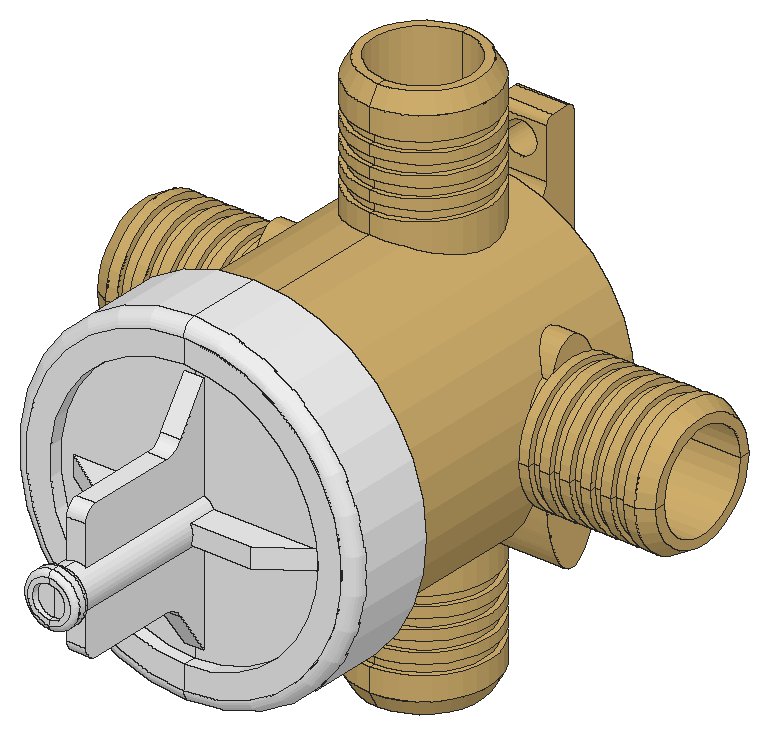
Revit family "Delta Rough Valve Body R11000", category Plumbing Fixtures, host Wall, Revit 2013
Parameters (values of type "Rough Valve Body R11000")
  Width [instance] = 86.000 mm
  URL = "http://www.deltafaucet.com/bath/details/r11000.html"
  Pipe [instance] = Polished_Nickel
  Model = "Rough Valve Body R11000"
  Manufacturer = "Delta Faucet"
  Height [instance] = 86.000 mm
  Head [instance] = PVC, Flexible
  Frame [instance] = Matte Black
  Description = "Rough Valve Body R11000"
  Depth [instance] = 70.000 mm
  Faucet [instance] = Polished_Chrome
Types (3, lengths in mm): name | Width | URL | Pipe | Model | Manufacturer | Height | Head | Frame | Description | Depth
  (no name) | 86.000 | "http://www.deltafaucet.com/bath/details/r11000.html" | Polished_Nickel | "Rough Valve Body R11000" | "Delta Faucet" | 86.000 | PVC, Flexible | Matte Black | "Rough Valve Body R11000" | 70.000
  Delta Dryden Towel Bar 75118 | 502.000 | "http://www.deltafaucet.com/bath/details/75118-ss.html#/?tab=product-support" | none | "75118" | "Delta" | 79.000 | none | none | "Delta Dryden Towel Bar 75118" | 44.000
  Rough Valve Body R11000 | 86.000 | "http://www.deltafaucet.com/bath/details/r11000.html" | Polished_Nickel | "Rough Valve Body R11000" | "Delta Faucet" | 86.000 | PVC, Flexible | Matte Black | "Rough Valve Body R11000" | 70.000
Reference planes
  plane 1: y = 0
  plane 2 "Center (Left/Right)": x = 0
  plane 3 "Wall Edge": y = 76.2
Text (mm)
  text "Placement Side" at (0, 1019.848, 3124.603), in view "Right"
  text "Placement Side" at (-1787.662, 723.012, 0), in view "Ref. Level"
  text "Placement Side" at (0, 2073.289, 3571.227), in view "Left"
Dimensions and locks
  locked: plane 3 "Wall Edge" to host wall
  aligned and locked: nested 1 to host wall
  aligned and locked: plane 2 "Center (Left/Right)" to nested 1
Nested families
  nested 1: "R11000" at (0, -130.2, 740), type "R11000"
Definition of nested family "R11000"
  Parameters (values of type "R11000")
    Pipe = Polished_Nickel
    Head = PVC, Flexible
    Frame = Matte Black
    Faucet = Polished_Chrome
  Reference planes
    plane 1 "Center (Front/Back)": y = 0
    plane 2: z = 0
    plane 3 "Center (Left/Right)": x = 0
    plane 4: x = -67.5
    plane 5: x = 67.5
    plane 6: z = 102
    plane 7: x = -51
    plane 8: x = 51
    plane 9: y = -70
    plane 10: z = 8.872
    plane 11: z = 94.872
    plane 12: y = 54
    plane 13: y = -16
    plane 14: y = 30.079
    plane 15: z = 51.227
    plane 16: x = -43
    plane 17: x = 43
    plane 18: x = -4
    plane 19: x = 4
  Forms (mm)
    Extrusion 1, solid, material "PVC, Flexible" <- "Head"
      sketch origin (1.009, 12.018, 0) x (0, -1, 0) y (0, 0, -1)
        loop
          line (48.75, -60.09) -> (48.75, -42.932)
          arc (48.75, -42.932) -> (48.165, -41.521) -> (46.755, -40.937) r 1.995
          line (46.755, -40.937) -> (33.082, -40.937)
          arc (33.082, -40.937) -> (31.559, -40.481) -> (30.538, -39.262) r 2.771
          line (30.538, -39.262) -> (25.996, -32.699) -> (25.996, -70.323) -> (30.538, -63.76)
          arc (30.538, -63.76) -> (31.559, -62.541) -> (33.082, -62.085) r 2.771
          line (33.082, -62.085) -> (46.755, -62.085)
          arc (46.755, -62.085) -> (48.165, -61.501) -> (48.75, -60.09) r 1.995
      from -2.485 to 0.468
    Revolve 2, solid, material "Polished_Chrome" <- "Faucet"
      sketch origin (0, 12.018, 0) x (0, -1, 0) y (0, 0, -1)
        loop
          line (28.018, -76.205) -> (28.018, -72.536) -> (25.996, -72.536) -> (25.996, -51.834) -> (14.499, -51.834) -> (14.499, -78.276) -> (25.947, -78.276)
          arc (25.947, -78.276) -> (27.412, -77.67) -> (28.018, -76.205) r 2.072
        axis (14.499, -51.834) -> (28.018, -51.834)
      angle from 0 to 360
    Revolve 3, solid, material "Polished_Nickel" <- "Pipe"
      sketch origin (0, -16, 0) x (0, -1, 0) y (0, 0, -1)
        loop
          line (-37.353, -94.872) -> (-35.878, -92.317) -> (-35.878, -88.709) -> (-36.693, -88.709) -> (-36.693, -87.131) -> (-35.878, -87.131) -> (-35.878, -85.552) -> (-36.693, -85.552) -> (-36.693, -83.974) -> (-35.878, -83.974) -> (-35.878, -82.395) -> (-36.693, -82.395) -> (-36.693, -80.817) -> (-35.878, -80.817) -> (-35.878, -79.238) -> (-36.693, -79.238) -> (-36.693, -77.66) -> (-35.878, -77.66) -> (-35.878, -51.872) -> (-35.878, -26.085) -> (-36.693, -26.085) -> (-36.693, -24.506) -> (-35.878, -24.506) -> (-35.878, -22.928) -> (-36.693, -22.928) -> (-36.693, -21.349) -> (-35.878, -21.349) -> (-35.878, -19.771) -> (-36.693, -19.771) -> (-36.693, -18.192) -> (-35.878, -18.192) -> (-35.878, -16.613) -> (-36.693, -16.613) -> (-36.693, -15.035) -> (-35.878, -15.035) -> (-35.878, -11.427) -> (-37.353, -8.872) -> (-38.634, -8.872) -> (-38.634, -94.872) -> (-37.353, -94.872)
        axis (-46.079, -8.872) -> (-46.079, -94.872)
      angle from 0 to 360
    Revolve 4, solid, material "Polished_Nickel" <- "Pipe"
      sketch origin (-26.083, -16, 51.227) x (-1, 0, 0) y (0, -1, 0)
        loop
          line (16.917, -38.634) -> (16.917, -37.213) -> (14.605, -35.878) -> (13.026, -35.878) -> (13.026, -36.693) -> (11.046, -36.693) -> (11.046, -35.878) -> (9.468, -35.878) -> (9.468, -36.693) -> (7.889, -36.693) -> (7.889, -35.878) -> (6.311, -35.878) -> (6.311, -36.693) -> (4.732, -36.693) -> (4.732, -35.878) -> (3.154, -35.878) -> (3.154, -36.693) -> (1.575, -36.693) -> (1.575, -35.878) -> (-0.003, -35.878) -> (-0.003, -36.693) -> (-1.582, -36.693) -> (-1.582, -35.878) -> (-3.16, -35.878) -> (-3.16, -36.693) -> (-26.083, -36.693) -> (-49.005, -36.693) -> (-49.005, -35.878) -> (-50.584, -35.878) -> (-50.584, -36.693) -> (-52.162, -36.693) -> (-52.162, -35.878) -> (-53.741, -35.878) -> (-53.741, -36.693) -> (-55.32, -36.693) -> (-55.32, -35.878) -> (-56.898, -35.878) -> (-56.898, -36.693) -> (-58.477, -36.693) -> (-58.477, -35.878) -> (-60.055, -35.878) -> (-60.055, -36.693) -> (-61.634, -36.693) -> (-61.634, -35.878) -> (-63.212, -35.878) -> (-63.212, -36.693) -> (-65.192, -36.693) -> (-65.192, -35.878) -> (-66.771, -35.878) -> (-69.083, -37.213) -> (-69.083, -38.634) -> (16.917, -38.634)
        axis (16.917, -46.079) -> (-69.083, -46.079)
      angle from 0 to 360
    Revolve 5, solid, material "PVC, Flexible" <- "Head"
      sketch origin (0, 12.018, 0) x (0, -1, 0) y (0, 0, -1)
        loop
          line (25.996, -54.453) -> (51.317, -54.453)
          arc (51.317, -54.453) -> (51.548, -55.009) -> (52.103, -55.239) r 0.786
          line (52.103, -55.239) -> (53.214, -55.239)
          arc (53.214, -55.239) -> (53.77, -55.009) -> (54, -54.453) r 0.786
          line (54, -54.453) -> (54, -53.636) -> (53.153, -53.636) -> (53.153, -51.143) -> (25.996, -51.143) -> (25.996, -54.453)
        axis (54, -51.143) -> (25.996, -51.143)
      angle from 0 to 360
    Extrusion 6, solid, material "PVC, Flexible" <- "Head"
      sketch origin (-53.749, 12.018, 52.236) x (-1, 0, 0) y (0, -1, 0)
        loop
          line (-72.561, 25.996) -> (-34.938, 25.996) -> (-41.501, 30.538) -> (-65.998, 30.538) -> (-72.561, 25.996)
      from -2.485 to 0.468
    Revolve 7, solid, material "Polished_Nickel" <- "Pipe"
      sketch origin (0, -16, 0) x (0, -1, 0) y (0, 0, -1)
        loop
          line (-13.519, -74.678) -> (-13.519, -51.834) -> (-58.269, -51.834) -> (-58.269, -74.678) -> (-13.519, -74.678)
        axis (-58.269, -51.834) -> (-13.519, -51.834)
      angle from 0 to 360
    Extrusion 8, solid, material "Polished_Nickel" <- "Pipe"
      sketch origin (0, 0, 0) x (0, 1, 0) y (0, 0, 1)
        loop
          spline (34.216, 57.417) -> (34.075, 59.207) -> (33.662, 60.876) -> (33.004, 62.309) -> (32.147, 63.409) -> (31.149, 64.1) -> (30.079, 64.336) -> (29.008, 64.1) -> (28.01, 63.409) -> (27.153, 62.309) -> (26.496, 60.876) -> (26.082, 59.207) -> (25.941, 57.417)
          arc (25.941, 57.417) -> (22.655, 51.779) -> (25.071, 45.718) r 7.445
          spline (25.071, 45.718) -> (25.242, 42.231) -> (25.742, 38.981) -> (26.538, 36.19) -> (27.575, 34.049) -> (28.783, 32.703) -> (30.079, 32.243) -> (31.375, 32.703) -> (32.582, 34.049) -> (33.619, 36.19) -> (34.415, 38.981) -> (34.915, 42.231) -> (35.086, 45.718)
          arc (35.086, 45.718) -> (37.503, 51.779) -> (34.216, 57.417) r 7.445
      from -22.923 to 22.923
    Extrusion 9, solid, material "Polished_Nickel" <- "Pipe"
      sketch origin (0, 0, 0) x (0, 1, 0) y (0, 0, 1)
        loop
          line (42.269, 68.298) -> (42.269, 54.246)
          arc (42.269, 54.246) -> (43.68, 54.831) -> (45.193, 55.03) r 5.849
          line (45.193, 55.03) -> (53.006, 55.03)
          arc (53.006, 55.03) -> (53.727, 55.583) -> (54, 56.449) r 1.511
          line (54, 56.449) -> (54, 78.412)
          arc (54, 78.412) -> (53.704, 79.127) -> (52.988, 79.423) r 1.012
          line (52.988, 79.423) -> (50.054, 79.423)
          arc (50.054, 79.423) -> (49.265, 79.097) -> (48.938, 78.308) r 1.116
          line (48.938, 78.308) -> (48.938, 70.61)
          arc (48.938, 70.61) -> (48.261, 68.975) -> (46.626, 68.298) r 2.313
          line (46.626, 68.298) -> (42.269, 68.298)
      from -4 to 4
    Extrusion 10, void
      sketch origin (0, 0, 7.025) x (1, 0, 0) y (0, 0, 1)
        loop
          circle (0, 68.298) r 2.5
      from -55.4 to -48.051
  Cuts and joins
    Extrusion 10 cuts Extrusion 1
    Extrusion 10 cuts Revolve 2
    Extrusion 10 cuts Revolve 7
    Extrusion 10 cuts Extrusion 9
  Dimensions and locks
    plane 5 to plane 4 = 135.000 mm
    plane 6 to level = 102.000 mm  (x2)
    plane 8 to plane 7 = 102.000 mm
    plane 10 to plane 11 = 86.000 mm
    plane 13 to plane 9 = 54.000 mm
    plane 12 to plane 13 = 70.000 mm
    equal spacing: plane 17, plane 3 "Center (Left/Right)", plane 16
    locked: plane 3 "Center (Left/Right)" to plane 16 at 43
    equal spacing: plane 18, plane 3 "Center (Left/Right)", plane 19
    plane 18 to plane 3 "Center (Left/Right)" = 4.000 mm
    aligned and locked: plane 2 to level
    aligned and locked: plane 10 to Revolve 3
    aligned and locked: plane 11 to Revolve 3
    aligned and locked: nested 1 to Extrusion 1
    aligned and locked: Extrusion 1 to nested 1
    aligned and locked: Extrusion 8 to Revolve 4  (x2)
    aligned and locked: Revolve 2 to Revolve 7
    aligned and locked: Extrusion 9 to plane 18
    aligned and locked: plane 19 to Extrusion 9
  Automatic sketch dimensions
    plane 13 to Extrusion 1 sketch curve = 2.022 mm
    plane 15 to Extrusion 1 sketch curve = 19.095 mm
    Extrusion 1 sketch curve to Extrusion 1 sketch curve = 4.542 mm  (x2)
    Extrusion 1 sketch curve to Extrusion 1 sketch curve = 2.545 mm  (x2)
    plane 9 to Extrusion 1 sketch curve = 35.263 mm  (x2)
    Extrusion 1 sketch curve to Extrusion 1 sketch curve = 1.995 mm
    Extrusion 1 sketch curve to Extrusion 1 sketch curve = 6.563 mm  (x2)
    Extrusion 1 sketch curve to Extrusion 1 sketch curve = 1.675 mm  (x2)
    Extrusion 1 sketch curve to plane 15 = 8.296 mm
    plane 13 to Revolve 2 sketch curve = 13.519 mm
    plane 11 to Revolve 2 sketch curve = 16.596 mm
    Revolve 2 sketch curve to Revolve 2 sketch curve = 11.448 mm
    plane 15 to Revolve 2 sketch curve = 0.606 mm  (x2)
    Revolve 2 sketch curve to Revolve 2 sketch curve = 11.497 mm
    Revolve 2 sketch curve to Revolve 2 sketch curve = 2.022 mm
    Revolve 2 sketch curve to Revolve 2 sketch curve = 0.000 mm
    Revolve 2 sketch curve to Revolve 2 sketch curve = 6.771 mm
    Revolve 2 sketch curve to Revolve 2 sketch curve = 3.669 mm
    plane 10 to Revolve 3 sketch curve = 0.000 mm
    plane 11 to Revolve 3 sketch curve = 0.000 mm
    plane 14 to Revolve 3 sketch curve = 7.445 mm
    plane 11 to Revolve 3 sketch curve = 2.555 mm
    Revolve 3 sketch curve to plane 14 = 0.000 mm
    Revolve 3 sketch curve to Revolve 3 sketch curve = 1.281 mm  (x2)
    plane 14 to Revolve 3 sketch curve = 9.386 mm
    Revolve 3 sketch curve to Revolve 3 sketch curve = 0.660 mm
    Revolve 3 sketch curve to Revolve 3 sketch curve = 0.000 mm  (x6)
    Revolve 3 sketch curve to Revolve 3 sketch curve = 0.815 mm  (x8)
    Revolve 3 sketch curve to plane 10 = 2.555 mm
    Revolve 3 sketch curve to Revolve 3 sketch curve = 1.475 mm
    Revolve 3 sketch curve to Revolve 3 sketch curve = 3.608 mm
    Revolve 3 sketch curve to Revolve 3 sketch curve = 1.579 mm  (x14)
    plane 15 to Revolve 3 sketch curve = 0.645 mm
    Revolve 3 sketch curve to Revolve 3 sketch curve = 14.658 mm
    Revolve 3 sketch curve to plane 11 = 1.878 mm
    plane 11 to Revolve 3 sketch curve = 1.289 mm
    plane 5 to Revolve 4 sketch curve = 24.500 mm
    Revolve 4 sketch curve to plane 3 "Center (Left/Right)" = 0.000 mm
    plane 4 to Revolve 4 sketch curve = 24.500 mm
    plane 14 to Revolve 4 sketch curve = 7.445 mm
    plane 14 to Revolve 4 sketch curve = 0.000 mm
    Revolve 4 sketch curve to plane 5 = 0.000 mm
    plane 5 to Revolve 4 sketch curve = 26.812 mm
    Revolve 4 sketch curve to Revolve 4 sketch curve = 1.579 mm  (x16)
    Revolve 4 sketch curve to Revolve 4 sketch curve = 1.980 mm  (x2)
    plane 8 to Revolve 4 sketch curve = 23.342 mm
    plane 8 to Revolve 4 sketch curve = 24.920 mm
    plane 7 to Revolve 4 sketch curve = 28.077 mm
    plane 7 to Revolve 4 sketch curve = 24.920 mm
    plane 7 to Revolve 4 sketch curve = 23.342 mm
    Revolve 4 sketch curve to plane 5 = 3.167 mm
    Revolve 4 sketch curve to Revolve 4 sketch curve = 1.421 mm  (x2)
    Revolve 4 sketch curve to Revolve 4 sketch curve = 0.520 mm  (x2)
    plane 14 to Revolve 4 sketch curve = 9.386 mm
    Revolve 4 sketch curve to Revolve 4 sketch curve = 0.000 mm  (x8)
    Revolve 4 sketch curve to Revolve 4 sketch curve = 0.815 mm  (x12)
    plane 9 to Revolve 5 sketch curve = 28.018 mm
    plane 9 to Revolve 5 sketch curve = 28.804 mm
    plane 15 to Revolve 5 sketch curve = 4.011 mm
    Revolve 5 sketch curve to Revolve 5 sketch curve = 0.061 mm
    Revolve 5 sketch curve to Revolve 5 sketch curve = 1.111 mm
    Revolve 5 sketch curve to Revolve 5 sketch curve = 0.786 mm
    Revolve 5 sketch curve to plane 15 = 0.084 mm  (x2)
    Revolve 5 sketch curve to Revolve 5 sketch curve = 25.321 mm
    Revolve 5 sketch curve to Revolve 5 sketch curve = 4.925 mm
    Revolve 5 sketch curve to Revolve 5 sketch curve = 2.357 mm
    Revolve 5 sketch curve to Revolve 5 sketch curve = 0.817 mm
    plane 15 to Revolve 7 sketch curve = 0.606 mm  (x2)
    Revolve 7 sketch curve to plane 12 = 11.731 mm
    plane 11 to Revolve 7 sketch curve = 20.194 mm
    plane 13 to Revolve 7 sketch curve = 13.519 mm
    Revolve 7 sketch curve to Revolve 7 sketch curve = 28.018 mm
    Revolve 7 sketch curve to Revolve 7 sketch curve = 46.286 mm
    Extrusion 8 sketch curve to Extrusion 8 sketch curve = 0.000 mm  (x2)
    Extrusion 8 sketch curve to plane 14 = 0.000 mm  (x2)
    Extrusion 8 sketch curve to plane 15 = 0.000 mm
    plane 14 to Extrusion 8 sketch curve = 4.137 mm
    plane 14 to Extrusion 8 sketch curve = 5.007 mm
    Extrusion 8 sketch curve to plane 15 = 5.509 mm
    plane 13 to Extrusion 6 sketch curve = 2.022 mm
    plane 3 "Center (Left/Right)" to Extrusion 6 sketch curve = 18.812 mm
    Extrusion 6 sketch curve to plane 3 "Center (Left/Right)" = 18.812 mm
    Extrusion 6 sketch curve to Extrusion 6 sketch curve = 6.563 mm  (x2)
    Extrusion 6 sketch curve to plane 13 = 2.519 mm
    Extrusion 9 sketch curve to plane 12 = 0.000 mm
    Extrusion 9 sketch curve to plane 12 = 0.994 mm
    plane 15 to Extrusion 9 sketch curve = 3.802 mm
    Extrusion 9 sketch curve to plane 12 = 1.012 mm
    Extrusion 9 sketch curve to Extrusion 9 sketch curve = 2.934 mm
    Extrusion 9 sketch curve to Extrusion 9 sketch curve = 1.116 mm
    Extrusion 9 sketch curve to Extrusion 9 sketch curve = 2.313 mm
    Extrusion 9 sketch curve to Extrusion 9 sketch curve = 7.813 mm
    Extrusion 9 sketch curve to Extrusion 9 sketch curve = 2.924 mm
    Extrusion 9 sketch curve to Extrusion 9 sketch curve = 0.517 mm
    Extrusion 9 sketch curve to Extrusion 9 sketch curve = 11.849 mm
    Extrusion 9 sketch curve to Extrusion 9 sketch curve = 7.697 mm
    Extrusion 9 sketch curve to plane 15 = 2.046 mm
    Extrusion 10 sketch curve to plane 3 "Center (Left/Right)" = 0.000 mm
    plane 15 to Extrusion 10 sketch curve = 24.095 mm
    radius of Extrusion 10 sketch curve = 2.500 mm
  Nested families
    nested 1: "DELTA LOGO1" at (1.477, -26.459, 58.82) x (0, 1, 0) z (1, 0, 0), type "DELTA LOGO"
